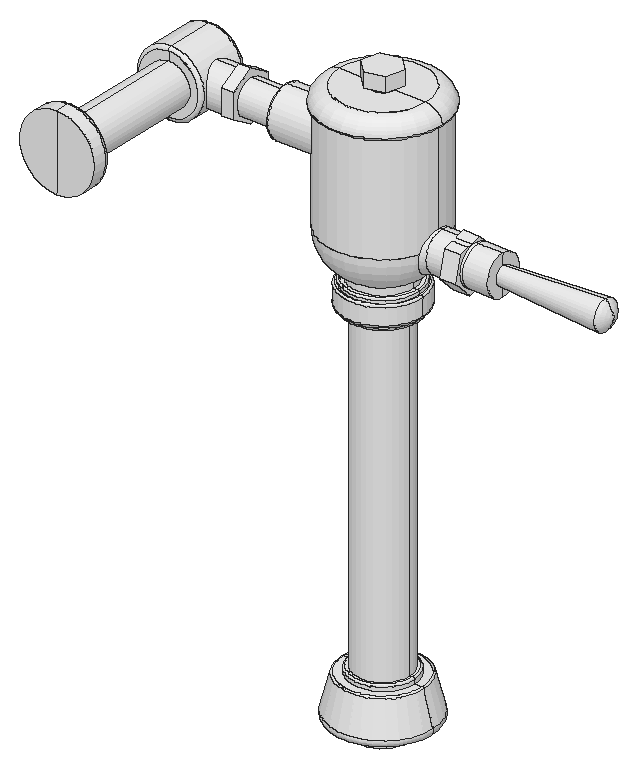
Revit family "706340001_Válvula para Orinal Flujo Ajustable", category Plumbing Fixtures, host Wall, Revit 2020
Family settings
  Host = Wall
  Round Connector Dimension = Use Diameter
  Part Type = Normal
  OmniClass Number = 23.39.27.00
  Always vertical = Yes
  Cut with Voids When Loaded = No
  Shared = No
  Room Calculation Point = No
Parameters (values of type "Type 1")
  Vida útil = "150 Mil Ciclos."  # constant formula
  URL = ""
  Referencia = "706340001"  # constant formula
  Profundidad = 135 mm  # constant formula
  Presion minima = "20 Psi."  # constant formula
  Presion maxima = "20 - 80 Psi."  # constant formula
  Peso Neto aprox = "2,270g 5,0045lb."  # constant formula
  Peso Bruto aprox = "2,600g 5,7320lb."  # constant formula
  Model = "Válvula Orinal de Flujo Ajustable"  # constant formula
  Material = Corona_Cromado
  Manufacturer = "Corona"  # constant formula
  Garantía = "3 años"  # constant formula
  Fecha de creación = "12/03/2021"  # constant formula
  Entrada minimo = "3/4 NPT."  # constant formula
  Description = "Descarga de agua variable según presión. • Tipo de accionamiento manual de palanca.\r\n• Instalación para lado derecho y/o izquierdo.\r\n• Registro individual que permite el cierre del suministro de agua.\r\n• Incluye rompe vacío para evitar el contra flujo de agua (anti sifón)."  # constant formula
  Default Elevation = 0 mm
  Creado por = "BIMBAU"  # constant formula
  Consumo de agua = "0.5 lpf a 3.8 lpf."  # constant formula
  Ciclo de descarga = "1,9 L/min a 50 Psi"  # constant formula
  Capacidad de flujo = "4,9 L/min a 50 Psi."  # constant formula
  Ancho = 280 mm  # constant formula
  Alto = 362 mm  # constant formula
Reference planes
  plane 1 "Wall": y = 0
  plane 2 "Center (Left/Right)": x = 125
  plane 3 "Back": y = 50
Forms (mm)
  Extrusion 1, solid, detail levels coarse
    sketch origin (0, 0, 0) x (1, 0, 0) y (0, 1, 0)
      loop
        line (-24.655, 50) -> (44.742, 50) -> (44.742, 107.362) -> (170.948, 107.362) -> (170.948, 126.493) -> (270.948, 126.493) -> (270.948, 180.062) -> (170.948, 180.062) -> (170.948, 198.428) -> (-24.655, 198.428) -> (-24.655, 50)
    from 0 to 362.43
Text (mm)
  text "Placement Side" at (-1848.837, 1116.779, 0), in view "Ref. Level"
  text "Placement side" at (0, 1409.804, 2854.306), in view "Left"
  text "Placement side" at (0, 499.811, 2980.732), in view "Right"
Dimensions and locks
  locked: plane 3 "Back" to host wall
  aligned and locked: plane 1 "Wall" to host wall
  aligned and locked: plane 3 "Back" to nested 1
  aligned and locked: nested 3 to Extrusion 1
  aligned and locked: Extrusion 1 to host wall
Nested families
  nested 1: "Valvula Orinal  FlujoAjustable" at (-15.102, 150, 0), type "Valvula_Orinal_FlujoAjustable_Corona", detail levels medium+fine
  nested 2: "Frontal" at (125, 0, 0) x (-1, 0, 0) z (0, -1, 0), type "Frontal"
  nested 3: "Lateral" at (125, 146.701, 0) x (0, -1, 0) z (1, 0, 0), type "Lateral"
Connectors
  piping at (7.622, 50, 317), diameter 12.7
    settings: on nested 1, index 1, connector inside diameter 609.6 mm, connector length 0 mm, flow factor 0, pipe flow 0.0 L/s, pressure drop 0.0 Pa, fitting loss kfactor 0, connector angle 0.00°, fixture units 0, engagement length 0 mm, angle of deflection 0.00°, flow configuration 0, flow direction 1, fitting loss method 0, system type 7, joint type 0, gender type 0, connector reference index -1, connector utility 0, adjustable connector no, is connector primary yes, connector description ""
  piping at (125, 150, 0), diameter 12.7
    settings: on nested 1, index 2, connector inside diameter 609.6 mm, connector length 0 mm, flow factor 0, pipe flow 0.0 L/s, pressure drop 0.0 Pa, fitting loss kfactor 0, connector angle 0.00°, fixture units 0, engagement length 0 mm, angle of deflection 0.00°, flow configuration 0, flow direction 2, fitting loss method 0, system type 7, joint type 0, gender type 0, connector reference index -1, connector utility 0, adjustable connector no, is connector primary no, connector description ""
Definition of nested family "Valvula Orinal  FlujoAjustable"
  Parameters (values of type "Valvula_Orinal_FlujoAjustable_Corona")
    Width = 280.204 mm
    Weight = ""
    Warranty = ""
    Useful life = ""
    URL = ""
    SKU = ""
    Reference = ""
    PSI = ""
    Material = none
    Manufacturer = ""
    Height = 362 mm
    Flow capacity = ""
    Description = ""
    Default Elevation = 0 mm
  Reference planes
    plane 1 "Center (Front/Back)": y = 0
    plane 2: z = 0
    plane 3 "Center (Left/Right)": x = 0
    plane 4: z = 362
    plane 5: z = 230
    plane 6: x = 280.204
    plane 7: x = 140.102
    plane 8: z = 7.44
    plane 9: x = 22.5
    plane 10: y = -100
  Forms (mm)
    Revolve 1, solid, material <- "Material"
      sketch origin (0, 0, 0) x (1, 0, 0) y (0, 0, 1)
        loop
          line (140.102, 0) -> (140.102, 354.409) -> (133.018, 354.409) -> (133.018, 350.927) -> (113.799, 350.927)
          arc (113.799, 350.927) -> (107.149, 348.308) -> (104.072, 341.857) r 9.751
          arc (104.072, 341.857) -> (104.241, 341.378) -> (104.707, 341.176) r 0.637
          line (104.707, 341.176) -> (106.017, 341.176) -> (106.017, 275.394)
          arc (106.017, 275.394) -> (110.173, 261.2) -> (121.329, 251.491) r 26.314
          line (121.329, 251.491) -> (121.329, 247.329) -> (119.204, 247.329)
          arc (119.204, 247.329) -> (118.497, 247.036) -> (118.204, 246.329) r 1
          line (118.204, 246.329) -> (118.204, 244.724) -> (117.115, 244.724)
          arc (117.115, 244.724) -> (116.408, 244.431) -> (116.115, 243.724) r 1
          line (116.115, 243.724) -> (116.115, 233.515)
          arc (116.115, 233.515) -> (116.408, 232.808) -> (117.115, 232.515) r 1
          line (117.115, 232.515) -> (118.204, 232.515) -> (118.204, 231)
          arc (118.204, 231) -> (118.497, 230.293) -> (119.204, 230) r 1
          line (119.204, 230) -> (123.829, 230) -> (123.829, 35.87) -> (122.036, 35.87)
          arc (122.036, 35.87) -> (121.329, 35.578) -> (121.036, 34.87) r 1
          line (121.036, 34.87) -> (121.036, 32.554) -> (116.124, 32.554)
          arc (116.124, 32.554) -> (115.516, 32.347) -> (115.158, 31.812) r 1
          line (115.158, 31.812) -> (109.824, 11.905)
          arc (109.824, 11.905) -> (110.436, 8.827) -> (113.251, 7.44) r 3.547
          line (113.251, 7.44) -> (123.829, 7.44) -> (123.829, 0) -> (140.102, 0)
        axis (140.102, 0) -> (140.102, 354.409)
      angle from 0 to 360
    Revolve 2, solid, material <- "Material"
      sketch origin (0, 0, 1.25) x (1, 0, 0) y (0, 0, 1)
        loop
          line (152.704, 272.206) -> (152.704, 253.12) -> (163.603, 253.12)
          arc (163.603, 253.12) -> (168.736, 258.362) -> (175.816, 260.286) r 13.992
          line (175.816, 260.286) -> (198.099, 260.286) -> (212.838, 260.286) -> (212.838, 266.692) -> (275.056, 263.431)
          arc (275.056, 263.431) -> (278.263, 267.362) -> (279.771, 272.206) r 13.337
          line (279.771, 272.206) -> (152.704, 272.206)
        axis (152.704, 272.206) -> (279.771, 272.206)
      angle from 0 to 360
    Revolve 3, solid, material <- "Material"
      sketch origin (0, 0, 0) x (1, 0, 0) y (0, 0, 1)
        loop
          line (117.5, 316.629) -> (117.5, 334.499) -> (114.5, 334.499)
          arc (114.5, 334.499) -> (112.398, 332.398) -> (109.528, 331.629) r 5.741
          line (109.528, 331.629) -> (82.383, 331.629)
          arc (82.383, 331.629) -> (81.676, 331.336) -> (81.383, 330.629) r 1
          line (81.383, 330.629) -> (81.383, 327.104) -> (55.066, 327.104) -> (55.066, 328.344)
          arc (55.066, 328.344) -> (54.773, 329.051) -> (54.066, 329.344) r 1
          line (54.066, 329.344) -> (27.603, 329.344)
          arc (27.603, 329.344) -> (26.895, 329.051) -> (26.603, 328.344) r 1
          line (26.603, 328.344) -> (26.603, 316.629) -> (117.5, 316.629)
        axis (117.5, 316.629) -> (26.603, 316.629)
      angle from 0 to 360
    Revolve 4, solid, material <- "Material"
      sketch origin (22.724, 0, 0) x (0, 1, 0) y (0, 0, 1)
        loop
          line (17.086, 317) -> (17.086, 335)
          arc (17.086, 335) -> (16.5, 336.414) -> (15.086, 337) r 2
          line (15.086, 337) -> (-13.521, 337)
          arc (-13.521, 337) -> (-14.935, 336.414) -> (-15.521, 335) r 2
          line (-15.521, 335) -> (-15.521, 329.724) -> (-84.747, 329.724) -> (-89.944, 338.724)
          arc (-89.944, 338.724) -> (-90.676, 339.456) -> (-91.676, 339.724) r 2
          line (-91.676, 339.724) -> (-100, 339.724) -> (-100, 317) -> (17.086, 317)
        axis (-100, 317) -> (17.086, 317)
      angle from 0 to 360
    Extrusion 5, solid, material <- "Material"
      sketch origin (0, 0, 0) x (0, 1, 0) y (0, 0, 1)
        loop
          line (12.99, 309.5) -> (12.99, 324.5) -> (0, 332) -> (-12.99, 324.5) -> (-12.99, 309.5) -> (0, 302) -> (12.99, 309.5)
      from 52.566 to 59.844
    Extrusion 6, solid, material <- "Material"
      sketch origin (0, 0, -1.93) x (0, 1, 0) y (0, 0, 1)
        loop
          line (10.607, 263.572) -> (14.489, 278.061) -> (3.882, 288.667) -> (-10.607, 284.785) -> (-14.489, 270.296) -> (-3.882, 259.69) -> (10.607, 263.572)
      from 186.05 to 195.896
    Extrusion 7, solid, material <- "Material"
      sketch origin (0, 0, 0) x (1, 0, 0) y (0, 1, 0)
        loop
          line (129.193, -2.923) -> (137.179, -10.909) -> (148.088, -7.986) -> (151.011, 2.923) -> (143.025, 10.909) -> (132.116, 7.986) -> (129.193, -2.923)
      from 353.369 to 362
  Dimensions and locks
    plane 4 to plane 5 to level = 132 mm, 230 mm
    "Width": plane 6 to plane 3 "Center (Left/Right)"
    "Height": plane 4 to level
    plane 4 to plane 8 = 354.56 mm
    equal spacing: plane 6, plane 7, plane 3 "Center (Left/Right)"
    plane 9 to plane 7 = 117.602 mm
    plane 1 "Center (Front/Back)" to plane 10 = 100 mm
    aligned and locked: level to plane 2
  Automatic sketch dimensions
    Revolve 4 sketch curve to plane 10 = 0 mm  (x2)
    Revolve 4 sketch curve to Revolve 4 sketch curve = 8.324 mm
    Revolve 4 sketch curve to Revolve 4 sketch curve = 1.732 mm
    Revolve 4 sketch curve to Revolve 4 sketch curve = 5.196 mm
    plane 1 "Center (Front/Back)" to Revolve 4 sketch curve = 15.521 mm
    Revolve 4 sketch curve to Revolve 4 sketch curve = 2 mm
    Revolve 4 sketch curve to plane 1 "Center (Front/Back)" = 15.086 mm
    Revolve 4 sketch curve to plane 1 "Center (Front/Back)" = 17.086 mm
    Revolve 4 sketch curve to plane 4 = 45 mm
    Revolve 4 sketch curve to plane 4 = 32.276 mm
    Revolve 4 sketch curve to Revolve 4 sketch curve = 5.276 mm
    Revolve 4 sketch curve to Revolve 4 sketch curve = 8 mm
    Revolve 4 sketch curve to Revolve 4 sketch curve = 1 mm
    Revolve 4 sketch curve to Revolve 4 sketch curve = 9.479 mm
    Revolve 4 sketch curve to Revolve 4 sketch curve = 0 mm
    plane 9 to Revolve 3 sketch curve = 4.103 mm
    Revolve 3 sketch curve to Revolve 3 sketch curve = 1 mm  (x3)
    Revolve 3 sketch curve to Revolve 3 sketch curve = 26.464 mm
    Revolve 3 sketch curve to Revolve 3 sketch curve = 26.317 mm
    Revolve 3 sketch curve to Revolve 3 sketch curve = 27.145 mm
    Revolve 3 sketch curve to Revolve 3 sketch curve = 4.972 mm
    Revolve 3 sketch curve to Revolve 3 sketch curve = 3 mm
    Revolve 3 sketch curve to plane 4 = 45.371 mm
    Revolve 3 sketch curve to plane 4 = 34.896 mm
    Revolve 3 sketch curve to Revolve 3 sketch curve = 1.24 mm
    Revolve 3 sketch curve to Revolve 3 sketch curve = 3.525 mm
    Revolve 3 sketch curve to Revolve 3 sketch curve = 2.871 mm
    Revolve 3 sketch curve to Revolve 3 sketch curve = 5 mm
    Revolve 3 sketch curve to Revolve 3 sketch curve = 0 mm  (x2)
    Revolve 2 sketch curve to plane 7 = 12.602 mm
    Revolve 2 sketch curve to Revolve 2 sketch curve = 10.898 mm
    Revolve 2 sketch curve to Revolve 2 sketch curve = 12.213 mm
    Revolve 2 sketch curve to Revolve 2 sketch curve = 22.283 mm
    Revolve 2 sketch curve to Revolve 2 sketch curve = 14.74 mm
    plane 5 to Revolve 2 sketch curve = 17.544 mm
    Revolve 2 sketch curve to Revolve 2 sketch curve = 6.826 mm
    Revolve 2 sketch curve to Revolve 2 sketch curve = 6.406 mm
    Revolve 2 sketch curve to Revolve 2 sketch curve = 19.085 mm
    Revolve 2 sketch curve to Revolve 2 sketch curve = 1.469 mm
    Revolve 2 sketch curve to Revolve 2 sketch curve = 0 mm  (x2)
    Revolve 2 sketch curve to Revolve 2 sketch curve = 5 mm
    Revolve 2 sketch curve to plane 6 = 5.148 mm
    Revolve 2 sketch curve to plane 6 = 0.433 mm
    Revolve 2 sketch curve to Revolve 2 sketch curve = 8.774 mm
    Revolve 1 sketch curve to plane 8 = 0 mm
    Revolve 1 sketch curve to plane 5 = 0 mm
    Revolve 1 sketch curve to level = 0 mm
    plane 7 to Revolve 1 sketch curve = 0 mm  (x2)
    plane 7 to Revolve 1 sketch curve = 7.084 mm
    plane 7 to Revolve 1 sketch curve = 7.772 mm
    plane 7 to Revolve 1 sketch curve = 16.273 mm  (x2)
    Revolve 1 sketch curve to Revolve 1 sketch curve = 1.793 mm
    Revolve 1 sketch curve to Revolve 1 sketch curve = 2.5 mm
    Revolve 1 sketch curve to Revolve 1 sketch curve = 1 mm  (x4)
    Revolve 1 sketch curve to Revolve 1 sketch curve = 4.625 mm
    Revolve 1 sketch curve to Revolve 1 sketch curve = 2.125 mm
    Revolve 1 sketch curve to Revolve 1 sketch curve = 1.089 mm  (x2)
    Revolve 1 sketch curve to Revolve 1 sketch curve = 4.911 mm
    Revolve 1 sketch curve to Revolve 1 sketch curve = 0.966 mm
    Revolve 1 sketch curve to Revolve 1 sketch curve = 19.219 mm
    Revolve 1 sketch curve to plane 8 = 3.547 mm
    Revolve 1 sketch curve to Revolve 1 sketch curve = 10.578 mm
    Revolve 1 sketch curve to plane 8 = 4.465 mm
    Revolve 1 sketch curve to Revolve 1 sketch curve = 7.782 mm
    Revolve 1 sketch curve to Revolve 1 sketch curve = 1.31 mm
    Revolve 1 sketch curve to Revolve 1 sketch curve = 19.648 mm
    Revolve 1 sketch curve to Revolve 1 sketch curve = 0.259 mm
    Revolve 1 sketch curve to Revolve 1 sketch curve = 2.317 mm
    Revolve 1 sketch curve to Revolve 1 sketch curve = 1.515 mm
    Revolve 1 sketch curve to Revolve 1 sketch curve = 10.209 mm
    Revolve 1 sketch curve to Revolve 1 sketch curve = 1.605 mm
    Revolve 1 sketch curve to Revolve 1 sketch curve = 4.162 mm
    Revolve 1 sketch curve to plane 4 = 20.824 mm
    Revolve 1 sketch curve to Revolve 1 sketch curve = 0 mm  (x2)
    Revolve 1 sketch curve to Revolve 1 sketch curve = 0.637 mm
    Revolve 1 sketch curve to Revolve 1 sketch curve = 9.751 mm
    Revolve 1 sketch curve to plane 4 = 7.591 mm
    Revolve 1 sketch curve to level = 57.141 mm
  Connectors
    piping at (22.724, -100, 317), diameter 25.4
      settings: on Revolve 4, index 1, connector inside diameter 609.6 mm, connector length 0 mm, flow factor 0, pipe flow 0.0 L/s, pressure drop 0.0 Pa, fitting loss kfactor 0, connector angle 0.00°, fixture units 0, engagement length 0 mm, angle of deflection 0.00°, flow configuration 0, flow direction 1, fitting loss method 0, system type 7, joint type 0, gender type 0, connector reference index -1, connector utility 0, adjustable connector no, is connector primary yes, connector description ""
    piping at (140.102, 0, 0), diameter 25.4
      settings: on Revolve 1, index 2, connector inside diameter 609.6 mm, connector length 0 mm, flow factor 0, pipe flow 0.0 L/s, pressure drop 0.0 Pa, fitting loss kfactor 0, connector angle 0.00°, fixture units 0, engagement length 0 mm, angle of deflection 0.00°, flow configuration 0, flow direction 2, fitting loss method 0, system type 7, joint type 0, gender type 0, connector reference index -1, connector utility 0, adjustable connector no, is connector primary no, connector description ""
Definition of nested family "Frontal"
  Parameters (values of type "FRONTAL")
    Ancho = 320 mm
  Reference planes
    plane 1 "Center (Front/Back)": y = 0
    plane 2: z = 0
    plane 3 "Center (Left/Right)": x = 0
  Lines and regions (mm)
    Filled region 1, type "SOLIDO_GRIS", in view "Ref. Level", not visible
      outline origin (0, 0, 0) x (1, 0, 0) y (0, 1, 0)
        loop
          line (-142.329, 255.969) -> (-142.329, 50.969) -> (57.671, 50.969) -> (57.671, 255.969) -> (-142.329, 255.969)
    Filled region 2, type "SOLIDO_GRIS", in view "Ref. Level"
      outline origin (0, 0, 0) x (1, 0, 0) y (0, 1, 0)
        loop
          line (19.062, 0) -> (19.062, 25.4) -> (36.957, 25.4) -> (32.907, 53.156) -> (28.243, 53.183) -> (28.243, 60.608) -> (19.375, 60.608) -> (19.375, 227.176) -> (25.863, 227.176) -> (25.863, 242.377) -> (21.326, 242.377) -> (22.014, 251.479) -> (22.56, 255.913) -> (23.418, 260.347) -> (24.771, 264.807) -> (26.695, 269.384) -> (29.387, 274.078) -> (32.764, 278.655) -> (51.713, 278.655) -> (54.249, 279.254) -> (55.198, 280.203) -> (55.46, 281.763) -> (80.911, 281.763) -> (80.911, 279.463)
          arc (80.911, 279.463) -> (88.012, 272.345) -> (95.744, 278.773) r 7.455
          line (95.744, 278.773) -> (100.943, 281.776) -> (110.162, 280.411) -> (120.876, 276.796)
          arc (120.876, 276.796) -> (128.331, 274.608) -> (136.064, 273.87) r 40.883
          arc (136.064, 273.87) -> (161.894, 299.701) -> (136.064, 325.531) r 25.831
          arc (136.064, 325.531) -> (131.975, 325.416) -> (127.976, 324.556) r 22.319
          line (127.976, 324.556) -> (121.084, 322.398) -> (111.332, 319.056) -> (102.62, 317.56) -> (97.354, 319.498) -> (95.806, 321.227)
          arc (95.806, 321.227) -> (88.359, 328.353) -> (80.911, 321.227) r 7.455
          line (80.911, 321.227) -> (80.911, 318.237) -> (55.858, 318.237)
          arc (55.858, 318.237) -> (54.31, 320.841) -> (51.46, 321.864) r 4.48
          line (51.46, 321.864) -> (34.354, 321.864) -> (33.249, 322.45) -> (32.469, 323.698) -> (31.948, 325.505) -> (31.61, 327.872) -> (31.61, 343.745)
          arc (31.61, 343.745) -> (30.777, 346.292) -> (28.6, 347.854) r 4.308
          line (28.6, 347.854) -> (26.24, 348.599) -> (23.171, 349.067) -> (19.921, 349.314) -> (16.735, 349.561) -> (13.77, 350.055) -> (11.17, 350.978) -> (8.254, 352.695)
          arc (8.254, 352.695) -> (13.028, 357.166) -> (8.62, 362) r 4.657
          line (8.62, 362) -> (-9.167, 362)
          arc (-9.167, 362) -> (-13.574, 357.166) -> (-8.8, 352.695) r 4.657
          line (-8.8, 352.695) -> (-11.573, 350.913) -> (-14.134, 349.847) -> (-17.255, 349.301) -> (-20.662, 349.015) -> (-24.121, 348.729) -> (-27.287, 348.193)
          arc (-27.287, 348.193) -> (-30.599, 346.303) -> (-31.909, 342.721) r 5.549
          line (-31.909, 342.721) -> (-31.909, 291.775) -> (-32.053, 289.63) -> (-32.937, 287.979) -> (-34.757, 286.951) -> (-37.735, 286.678) -> (-44.621, 286.678) -> (-45.134, 288.2) -> (-45.836, 289.357) -> (-46.746, 290.358) -> (-47.877, 291.19) -> (-49.126, 291.827) -> (-50.543, 292.218) -> (-52.064, 292.374) -> (-53.573, 292.218) -> (-54.99, 291.827) -> (-56.264, 291.19) -> (-57.369, 290.358) -> (-58.306, 289.357) -> (-58.982, 288.2) -> (-59.437, 286.925) -> (-59.613, 285.354)
          arc (-59.613, 285.354) -> (-59.889, 286.217) -> (-60.716, 286.587) r 1.11
          line (-60.716, 286.587) -> (-73.736, 286.587)
          arc (-73.736, 286.587) -> (-74.52, 286.262) -> (-74.846, 285.477) r 1.11
          line (-74.846, 285.477) -> (-74.846, 274.229) -> (-144.009, 278.252) -> (-145.634, 277.121) -> (-146.934, 274.975) -> (-147.832, 272.141) -> (-148.274, 268.942) -> (-148.209, 265.704) -> (-147.559, 262.727) -> (-146.284, 260.386) -> (-145.387, 259.541) -> (-144.308, 258.969) -> (-74.846, 262.662) -> (-74.846, 250.924)
          arc (-74.846, 250.924) -> (-74.524, 250.149) -> (-73.749, 249.828) r 1.097
          line (-73.749, 249.828) -> (-60.789, 249.828)
          arc (-60.789, 249.828) -> (-59.938, 250.209) -> (-59.657, 251.097) r 1.139
          line (-59.657, 251.097) -> (-59.437, 249.19) -> (-58.982, 247.916) -> (-58.306, 246.746) -> (-57.369, 245.732) -> (-56.264, 244.899) -> (-54.99, 244.275) -> (-53.573, 243.859) -> (-52.064, 243.742) -> (-50.543, 243.859) -> (-49.126, 244.275) -> (-47.877, 244.899) -> (-46.746, 245.732) -> (-45.836, 246.746) -> (-45.134, 247.916) -> (-44.704, 249.19) -> (-44.576, 250.218) -> (-26.552, 250.218) -> (-24.602, 249.763) -> (-23.197, 248.449) -> (-22.43, 246.109) -> (-22.389, 242.377) -> (-25.876, 242.377) -> (-25.876, 227.176) -> (-18.776, 227.176) -> (-18.776, 60.608) -> (-27.644, 60.608) -> (-27.644, 53.504) -> (-32.479, 53.532) -> (-37.06, 25.305) -> (-19.062, 25.305) -> (-19.062, 0) -> (19.062, 0)
Definition of nested family "Lateral"
  Parameters (values of type "Lateral")
    Ancho = 320 mm
  Reference planes
    plane 1 "Center (Front/Back)": y = 0
    plane 2: z = 0
    plane 3 "Center (Left/Right)": x = 0
  Lines and regions (mm)
    Filled region 1, type "SOLIDO_GRIS", in view "Ref. Level", not visible
      outline origin (0, 0, 0) x (1, 0, 0) y (0, 1, 0)
        loop
          line (-142.329, 255.969) -> (-142.329, 50.969) -> (57.671, 50.969) -> (57.671, 255.969) -> (-142.329, 255.969)
    Filled region 2, type "SOLIDO_GRIS", in view "Ref. Level"
      outline origin (0, 0, 0) x (1, 0, 0) y (0, 1, 0)
        loop
          line (-19.357, 24.896) -> (-19.357, 0) -> (19.357, 0) -> (19.357, 24.896) -> (38.032, 24.896) -> (33.798, 51.35) -> (16.902, 51.382) -> (16.902, 59.48) -> (19.331, 59.48) -> (19.331, 227.063) -> (25.721, 227.063) -> (25.721, 243.18) -> (21.889, 243.18) -> (21.889, 255.868) -> (24.019, 259.219) -> (25.889, 262.569) -> (27.474, 265.946) -> (28.824, 269.387) -> (29.915, 272.933) -> (30.759, 276.608) -> (31.396, 280.465) -> (31.795, 284.345) -> (32.276, 282.534) -> (33.12, 281.093) -> (34.172, 280.573) -> (38.484, 280.573) -> (39.522, 281.093) -> (40.367, 282.534) -> (40.938, 284.638) -> (41.133, 287.222) -> (41.133, 288.556) -> (85.123, 288.556) -> (91.486, 271.115) -> (96.701, 271.115) -> (96.701, 336.348) -> (90.525, 336.348) -> (84.526, 318.748) -> (41.133, 318.748) -> (41.133, 321.949) -> (40.938, 324.534) -> (40.367, 326.651) -> (39.522, 328.079) -> (38.484, 328.599) -> (34.172, 328.599) -> (33.12, 328.079) -> (32.276, 326.651) -> (31.717, 324.534) -> (31.443, 321.123) -> (31.208, 344.529) -> (27.876, 346.906) -> (20.656, 348.608) -> (13.266, 350.205) -> (9.565, 352.361) -> (9.391, 353.172)
          spline (9.391, 353.172) -> (10.175, 353.43) -> (10.889, 353.932) -> (11.491, 354.65) -> (11.946, 355.54) -> (12.227, 356.55) -> (12.318, 357.622) -> (12.213, 358.69) -> (11.918, 359.694) -> (11.451, 360.573) -> (10.839, 361.276) -> (10.118, 361.761) -> (9.331, 362)
          line (9.331, 362) -> (-9.422, 362)
          spline (-9.422, 362) -> (-10.158, 361.785) -> (-10.838, 361.355) -> (-11.429, 360.731) -> (-11.899, 359.945) -> (-12.225, 359.038) -> (-12.39, 358.057) -> (-12.385, 357.051) -> (-12.211, 356.072) -> (-11.877, 355.171) -> (-11.399, 354.393) -> (-10.803, 353.779) -> (-10.118, 353.36)
          line (-10.118, 353.36) -> (-10.201, 352.491) -> (-13.708, 350.309) -> (-21.136, 349.322) -> (-28.591, 347.893) -> (-32.214, 344.75) -> (-32.318, 343.711) -> (-32.318, 318.312) -> (-32.513, 319.251) -> (-33.266, 320.381) -> (-34.396, 321.147) -> (-35.772, 321.432) -> (-41.604, 321.432) -> (-42.98, 321.147) -> (-44.11, 320.381) -> (-44.876, 319.251) -> (-45.149, 317.874) -> (-45.149, 299.303) -> (-44.876, 297.9) -> (-44.11, 296.77) -> (-42.98, 296.017) -> (-41.604, 295.731) -> (-35.772, 295.731) -> (-34.396, 296.017) -> (-33.266, 296.77) -> (-32.513, 297.9) -> (-32.186, 299.504) -> (-32.136, 282.738) -> (-30.915, 275.245) -> (-30.045, 271.66) -> (-28.928, 268.245) -> (-27.578, 264.998) -> (-25.915, 261.972) -> (-23.902, 259.167) -> (-21.526, 256.647) -> (-21.526, 243.18) -> (-26.565, 243.18) -> (-26.565, 227.063) -> (-19.915, 227.063) -> (-19.915, 59.48) -> (-17.084, 59.48) -> (-17.084, 51.446) -> (-34.993, 51.48) -> (-40.266, 24.896) -> (-19.357, 24.896)
  Dimensions and locks
    aligned and locked: plane 1 "Center (Front/Back)" to import instance
